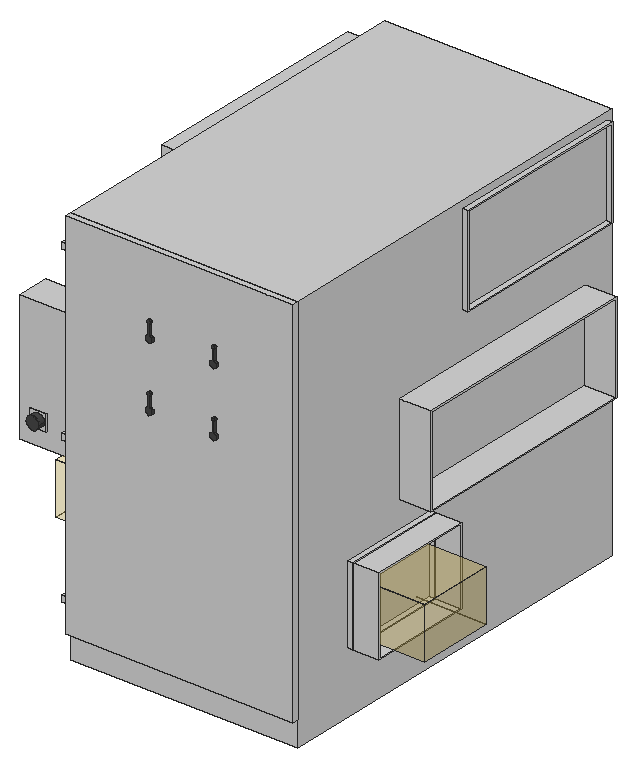
Revit family "Ventilator-RenewAire-Energy-Recovery-HE3XINV-Bypass", category Mechanical Equipment, Revit 2014
Parameters (values of type "5.0 HP 575V Three Phase")
  Voltage = "575"
  Ventilation Type = "Static Plate, Heat and Humidity Transfer"
  Unit Width = "62\""
  Unit Weight = "590-903 lbs."
  Unit Length = "49-3/4\""
  Unit Height = "62\""
  Unit = Metal - RenewAire - Anodized - Gray Text
  URL = "www.renewaire.com"
  Typical Airflow Range = "750-3,300 CFM"
  Standard Features = "TEFC Premium efficiency motors, Motor starters, Non-Fused Disconnect, 24VAC Transformer/Relay Package"
  Shipping Weight = "1000 lbs."
  Service Area Visibility = no
  Service Area Box = Interference - RenewAire - Smooth - Light - Gold
  Revit Object Download Link = ""
  Phase = "Three"
  Options = "Fused disconnect, Double wall construction, Factory supplied and mounted variable frequency drives (VFDs) – one or both airstreams, Motorized isolation dampers – FA, EA or both airstreams, Qty. 2 Factory mounted filter alarms, Bypass economizer (see bypass dimension drawing page) – dry bulb temperature controls, enthalpy controls"
  Optional Motorized Damper - FA = yes
  Optional Motorized Damper - EA = yes
  Number Motors = "Qty. 2, Belt drive blower/motor packages with adjustable sheaves"
  Model = "HE 3XINV-[Bypass]"
  Minimum Circuit Amps = "11.9 A"
  Maximum Overcurrent Protection = "15 A"
  Max. Shipping Width = "90\""
  Max. Shipping Length = "60\""
  Max. Shipping Height = "70\""
  Manufacturer = "RenewAire LLC"
  Frequency = "60 HZ"
  FLA per Motor = "5.3"
  Description = "Energy Recovery Ventilator"
  Connector Base Material = Glass - With - Transparency
  Accessories = "Filters - MERV 13, 2\" (shipped loose), Digital time clock - wall mount(TC7D-W), Digital time clock - in exterior enclosure (TC7D-E), Motion occupancy control - ceiling mount(MC-C), Motion occupancy control - wall mount(MC-W), Carbon dioxide control - wall mount (CO2-W), Carbon Dioxide control - duct mount(CO2-D), Electric duct heater – EK series (1-60 KW), EH series (61-175 KW)"
  AHRI 1060 Certified Core = "Three L125-G5"
Types (13): name | Voltage | Phase | Minimum Circuit Amps | Maximum Overcurrent Protection | FLA per Motor
  (no name) | "575" | "Three" | "11.9 A" | "15 A" | "5.3"
  2.0 HP 120V Single Phase | "120" | "Single" | "45.0 A" | "60 A" | "20.0"
  2.0 HP 208-230V Single Phase | "208-230" | "Single" | "24.3 A" | "35 A" | "10.8-10.0"
  2.0 HP 208-230V Three Phase | "208-230" | "Three" | "13.6 A" | "15 A" | "6.1-5.8"
  2.0 HP 460V Three Phase | "460" | "Three" | "6.5 A" | "15 A" | "2.9"
  2.0 HP 575V Three Phase | "575" | "Three" | "5.4 A" | "15 A" | "2.4"
  3.0 HP 208-230V Single Phase | "208-230" | "Single" | "33.1 A" | "40 A" | "14.7-14"
  3.0 HP 208-230V Three Phase | "208-230" | "Three" | "21.1 A" | "25 A" | "9.4-8.5"
  3.0 HP 460V Three Phase | "460" | "Three" | "9.5 A" | "15 A" | "4.2"
  3.0 HP 575V Three Phase | "575" | "Three" | "7.4 A" | "15 A" | "3.3"
  5.0 HP 208-230V Three Phase | "208-230" | "Three" | "32.6 A" | "45 A" | "14.5-13.4"
  5.0 HP 460V Three Phase | "460" | "Three" | "15.1 A" | "20 A" | "6.7"
  5.0 HP 575V Three Phase | "575" | "Three" | "11.9 A" | "15 A" | "5.3"
Reference planes (in)
  plane 1 "Center (Front/Back)": y = 0
  plane 2: z = 0
  plane 3 "Center (Left/Right)": x = 0
Forms (in)
  Extrusion 1, solid, material "Metal - RenewAire - Anodized - Gray Text" <- "Unit"
    sketch origin (0, 0, 0) x (1, 0, 0) y (0, 0, 1)
      loop
        line (-18.0625, 0) -> (17.0625, 0) -> (17.0625, 62) -> (-18.0625, 62) -> (-18.0625, 0)
    from 30.125 to -30.625
  Extrusion 2, solid, material "Metal - RenewAire - Anodized - Gray Text"
    sketch origin (0, 0, 0) x (1, 0, 0) y (0, 0, 1)
      loop
        line (-18.0625, 62) -> (-18.0625, 4) -> (17.0625, 4) -> (17.0625, 62) -> (-18.0625, 62)
    from 31.125 to 30.125
  Extrusion 3, solid, material "Metal - RenewAire - Anodized - Gray Text"
    sketch origin (10.5, 0, 8.125) x (1, 0, 0) y (0, 0, 1)
      loop
        line (-28.5625, 37.5) -> (-38.875, 37.5) -> (-38.875, 17.5) -> (-28.5625, 17.5) -> (-28.5625, 37.5)
    from 27.125 to 22.125
  Extrusion 4, solid, material "Metal - RenewAire - Anodized - Gray Text"
    sketch origin (10.5, 0, 8.125) x (1, 0, 0) y (0, 0, 1)
      loop
        line (-37.25, 22.5) -> (-37.25, 20) -> (-34.75, 20) -> (-34.75, 22.5) -> (-37.25, 22.5)
    from 27.25 to 27.125
  Extrusion 5, solid, material "MonitorPorts"
    sketch origin (10.5, 0, 8.125) x (1, 0, 0) y (0, 0, 1)
      loop
        circle (-36, 21.25) r 1
    from 28.25 to 27.125
  Extrusion 6, solid, material "Metal - RenewAire - Anodized - Gray Text" <- "Unit"
    sketch origin (0, -3, 5.25) x (0, 1, 0) y (0, 0, 1)
      loop
        line (-1.625, 16.625) -> (-17.625, 16.625) -> (-17.625, 4.625) -> (-1.625, 4.625) -> (-1.625, 16.625)
      loop
        line (-1.75, 16.5) -> (-17.5, 16.5) -> (-17.5, 4.75) -> (-1.75, 4.75) -> (-1.75, 16.5)
    from 18.0625 to 17.0625
  Extrusion 7, solid, material "Metal - RenewAire - Anodized - Gray Text"
    sketch origin (0, -0.5, 21.5) x (0, 1, 0) y (0, 0, 1)
      loop
        line (30.125, 39.5) -> (2.125, 39.5) -> (2.125, 25.5) -> (30.125, 25.5) -> (30.125, 39.5)
      loop
        line (30, 39.375) -> (2.25, 39.375) -> (2.25, 25.625) -> (30, 25.625) -> (30, 39.375)
    from 18.0625 to 17.0625
  Extrusion 8, solid, material "Metal - RenewAire - Anodized - Gray Text" <- "Unit"
    sketch origin (0, -3, 5.25) x (0, 1, 0) y (0, 0, 1)
      loop
        line (-1.625, 16.625) -> (-17.625, 16.625) -> (-17.625, 4.625) -> (-1.625, 4.625) -> (-1.625, 16.625)
      loop
        line (-1.75, 16.5) -> (-17.5, 16.5) -> (-17.5, 4.75) -> (-1.75, 4.75) -> (-1.75, 16.5)
    from 22.0625 to 18.0625
  Extrusion 9, solid, material "Metal - RenewAire - Anodized - Gray Text"
    sketch origin (0, 0, 5.625) x (0, 1, 0) y (0, 0, 1)
      loop
        line (-20.625, 4.25) -> (-4.625, 4.25) -> (-4.625, 16.25) -> (-20.625, 16.25) -> (-20.625, 4.25)
      loop
        line (-4.75, 16.125) -> (-20.5, 16.125) -> (-20.5, 4.375) -> (-4.75, 4.375) -> (-4.75, 16.125)
    from -18.0625 to -22.0625
  Extrusion 10, solid, material "Metal - RenewAire - Anodized - Gray Text"
    sketch origin (0, -0.5, 24.875) x (0, 1, 0) y (0, 0, 1)
      loop
        line (29, 35.125) -> (-7, 35.125) -> (-7, 21.125) -> (29, 21.125) -> (29, 35.125)
      loop
        line (28.875, 35) -> (-6.875, 35) -> (-6.875, 21.25) -> (28.875, 21.25) -> (28.875, 35)
    from -18.0625 to -22.0625
  Extrusion 11, solid, material "Interference - RenewAire - Smooth - Light - Gold" <- "Service Area Box", visible <- "Service Area Visibility"
    sketch origin (0, 0, 0) x (1, 0, 0) y (0, 0, 1)
      loop
        line (17.0625, 62) -> (-18.0625, 62) -> (-18.0625, 0) -> (17.0625, 0) -> (17.0625, 62)
    from 65.125 to 31.125
  Extrusion 12, solid, material "Interference - RenewAire - Smooth - Light - Gold", visible <- "Optional Motorized Damper - EA"
    sketch origin (0, 0, 0) x (0, 1, 0) y (0, 0, 1)
      loop
        line (-7.25, 19) -> (-19.25, 19) -> (-19.25, 11) -> (-7.25, 11) -> (-7.25, 19)
    from 28.0625 to 17.0625
  Extrusion 13, solid, material "Interference - RenewAire - Smooth - Light - Gold", visible <- "Optional Motorized Damper - FA"
    sketch origin (0, 0, -11.5) x (0, 1, 0) y (0, 0, 1)
      loop
        line (-7.25, 30.5) -> (-19.25, 30.5) -> (-19.25, 22.5) -> (-7.25, 22.5) -> (-7.25, 30.5)
    from -18.0625 to -29.0625
  Extrusion 14, solid, material "Metal - RenewAire - Anodized - Gray Text"
    sketch origin (0, 0, 0) x (1, 0, 0) y (0, 1, 0)
      loop
        line (-18.0625, -30.875) -> (-18.0625, -27.875) -> (-18.8125, -27.875) -> (-18.8125, -30.875) -> (-18.0625, -30.875)
    from 9 to 8
  Extrusion 15, solid, material "Metal - RenewAire - Anodized - Gray Text"
    sketch origin (0, 0, 0) x (1, 0, 0) y (0, 1, 0)
      loop
        line (-18.0625, -30.875) -> (-18.0625, -27.875) -> (-18.8125, -27.875) -> (-18.8125, -30.875) -> (-18.0625, -30.875)
    from 58 to 57
  Extrusion 16, solid, material "Metal - RenewAire - Anodized - Gray Text"
    sketch origin (0, 0, 0) x (1, 0, 0) y (0, 1, 0)
      loop
        line (-18.0625, -30.875) -> (-18.0625, -27.875) -> (-18.8125, -27.875) -> (-18.8125, -30.875) -> (-18.0625, -30.875)
    from 30.5 to 31.5
  Extrusion 17, solid, material "Metal - RenewAire - Anodized - Gray Text"
    sketch origin (0, 0, 0) x (0, 1, 0) y (0, 0, 1)
      loop
        line (-10.625, 40) -> (-10.625, 26) -> (25.375, 26) -> (25.375, 40) -> (-10.625, 40)
      loop
        line (-10.5, 39.875) -> (-10.5, 26.125) -> (25.25, 26.125) -> (25.25, 39.875) -> (-10.5, 39.875)
    from 22.0625 to 17.0625
Dimensions and locks (in)
  aligned and locked: level to plane 2
Nested families (in)
  nested 1: "Monitoring Port" at (-5, -31.125, 52.222) x (-1, 0, 0) z (0, 0, -1), type "Monitoring Port"
  nested 2: "Monitoring Port" at (5, -31.125, 52.222) x (-1, 0, 0) z (0, 0, -1), type "Monitoring Port"
  nested 3: "Monitoring Port" at (-5, -31.125, 42.222) x (-1, 0, 0) z (0, 0, -1), type "Monitoring Port"
  nested 4: "Monitoring Port" at (5, -31.125, 42.222) x (-1, 0, 0) z (0, 0, -1), type "Monitoring Port"
Connectors (in)
  hvac at (17.0625, 15.625, 54)
    settings: on Extrusion 7, index 1, duct flow 0 CFM, flow factor 0, pres drop 0.00 in-wg, loss coef 0, conn angle 0.00°, conn width 28", conn height 14", conn diameter 24", duct sys type 4, conn prof type 1, flow config 0, flow direction 1, loss method 0, conn ref index -1, conn util no, is conn primary yes, conn desc "OA (Outside Air)"
  hvac at (17.0625, -12.625, 15.875)
    settings: on Extrusion 6, index 2, duct flow 0 CFM, flow factor 0, pres drop 0.00 in-wg, loss coef 0, conn angle 0.00°, conn width 16", conn height 12", conn diameter 24", duct sys type 3, conn prof type 1, flow config 0, flow direction 2, loss method 0, conn ref index -1, conn util no, is conn primary no, conn desc "EA (Exhaust Air)"
  hvac at (-18.0625, 10.5, 53)
    settings: on Extrusion 10, index 4, duct flow 0 CFM, flow factor 0, pres drop 0.00 in-wg, loss coef 0, conn angle 0.00°, conn width 36", conn height 14", conn diameter 24", duct sys type 2, conn prof type 1, flow config 0, flow direction 1, loss method 0, conn ref index -1, conn util no, is conn primary no, conn desc "RA (Return Air)"
  hvac at (-18.0625, -12.625, 15.875)
    settings: on Extrusion 9, index 5, duct flow 0 CFM, flow factor 0, pres drop 0.00 in-wg, loss coef 0, conn angle 0.00°, conn width 16", conn height 12", conn diameter 24", duct sys type 1, conn prof type 1, flow config 0, flow direction 2, loss method 0, conn ref index -1, conn util no, is conn primary no, conn desc "FA (Fresh Air)"
  hvac at (17.0625, 7.375, 33)
    settings: on Extrusion 17, index 6, duct flow 0 CFM, flow factor 0, pres drop 0.00 in-wg, loss coef 0, conn angle 0.00°, conn width 36", conn height 14", conn diameter 24", duct sys type 2, conn prof type 1, flow config 0, flow direction 1, loss method 0, conn ref index -1, conn util no, is conn primary no, conn desc "BA (Bypass Air)"
Definition of nested family "Monitoring Port"
  Parameters (values of type "Monitoring Port")
    URL = "www.renewaire.com"
    Revit Object Download Link = ""
    Model = ""
    Manufacturer = "RenewAire LLC"
    Description = "Monitoring Ports"
  Reference planes (in)
    plane 1 "Center (Front/Back)": y = 0
    plane 2: z = 0
    plane 3 "Center (Left/Right)": x = 0
  Forms (in)
    Extrusion 1, solid, material "MonitorPorts"
      sketch origin (-9.43348, 0, 37.76669) x (-1, 0, 0) y (0, 0, -1)
        loop
          line (-9.53348, 35.65895) -> (-9.94097, 35.42369) -> (-9.94097, 34.83769) -> (-9.43348, 34.54469) -> (-8.92599, 34.83769) -> (-8.92599, 35.42369) -> (-9.33348, 35.65895) -> (-9.33348, 37.28756)
          arc (-9.33348, 37.28756) -> (-9.43348, 37.76669) -> (-9.53348, 37.28756) r 0.25
          line (-9.53348, 37.28756) -> (-9.53348, 35.65895)
      from 0 to 0.25
  Dimensions and locks (in)
    aligned and locked: level to plane 2
